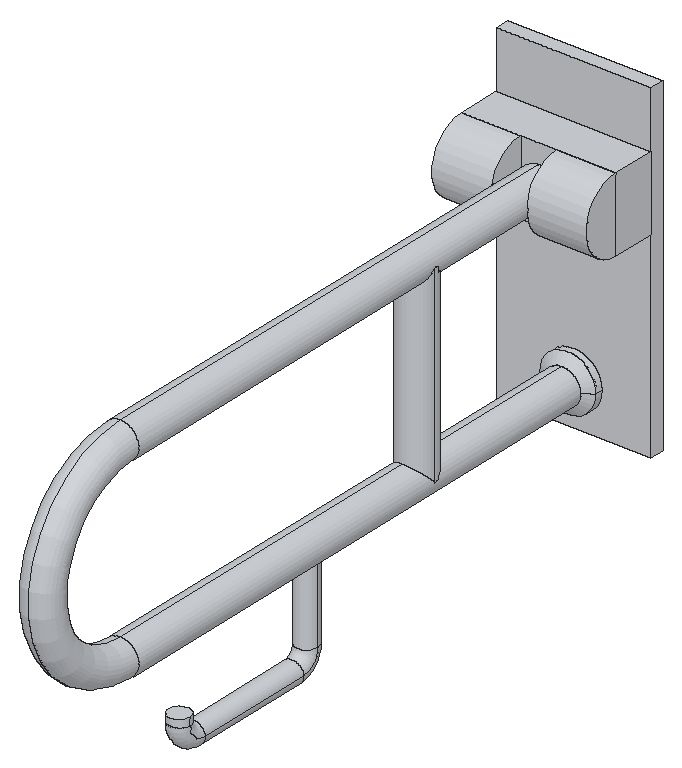
Revit family
Parameters
  Warranty Duration (Years) = 0
  Unit Weight = 0
  Unit Length = 2' - 0"
  URL = "http://www.pontegiulio.com"
  Trim Radius = 0' - 1 5/8"
  Specification = "http://www.arcat.com/sd/clients/pontegiu.html?coid=43483"
  Send Message = "http://www.arcat.com/users.pl?action=UserEmail&company=Ponte%20Giulio&coid=43483&rep=132&fax=877-766-8306&mf="
  Sales Information = "http://www.pontegiulio.it/us/info.php"
  Revision = "R1_01-2010"
  Return Radius = 0' - 1 9/16"
  Projection from Host = 1' - 0"
  Product Properties = "http://www.pgdb.it/schede/us/G40JCSxx01_us.pdf"
  Product Data = "http://www.arcat.com/arcatcos/cos43/arc43483.html"
  Model = "Grab Bar as Specified in 10 28 13"
  Manufacturer's Notes = ""
  Manufacturer Website = "http://www.pontegiulio.com"
  Manufacturer Phone - Toll Free = "877-766-8301 "
  Manufacturer Fax = "877-766-8306"
  Manufacturer Address = "W241 S4021 Rockwood Circle, Waukesha, WI 53189"
  Manufacturer = "Ponte Giulio"
  Maintenance Schedule (Months) = 0
  Keynote = "10 28 13"
  Installation-Fabrication = ""
  Installation Phase = ""
  Green Building-LEED = "http://www.arcat.com/green/clients/leed_data_43483.html"
  Expected Lifespan (Years) = 0
  Drawn By = "Robert S. Weygant, CSI, CDT, SCIP"
  Dim A = 0' - 7 1/4"
  Diameter = 0' - 1 1/4"
  Description = "Grab Bar as Specified in 10 28 13"
  Default Elevation = 4' - 0"
  Copyright = "2010 ARCAT, Inc"
  Construction Details = ""
  Building Codes = ""
  Bath Fixture Material [instance] = none
  Assembly Code = "C1030200"
  AK_Include Optional Component - F17AGNxx03 Roll Paper Holder = yes
  AK_Code Compliance = "ADA"
Reference planes (in)
  plane 1 "Center (Front/Back)": y = 0
  plane 2: z = 0
  plane 3 "Center (Left/Right)": x = 0
  plane 4 "Support Rail": x = 5.5
  plane 5: z = 37.71941
  plane 6: z = 44.40691
  plane 7: y = -24
  plane 8: y = -7.25
  plane 9: y = -12
  plane 10: y = -0.5
Forms (in)
  Sweep 1, solid, material <- "Bath Fixture Material"
    path origin (0, 0, 36.40691) x (0, 0, 1) y (0, -1, 0)
      loop
        line (1.3125, 0) -> (1.3125, 20.03125)
        arc (1.3125, 20.03125) -> (4.65625, 23.375) -> (8, 20.03125) r 3.34375
        line (8, 20.03125) -> (8, 0)
    profile origin (0, -10.01563, 37.71941) x (0, 0, -1) y (1, 0, 0)
      loop
        circle (0, 0) r 0.625
  Sweep 2, solid, material <- "Bath Fixture Material", visible <- "AK_Include Optional Component - F17AGNxx03 Roll Paper Holder"
    path origin (0, 0, 0) x (0, 1, 0) y (0, 0, 1)
      loop
        line (-12, 37.71941) -> (-12, 34.62566)
        arc (-12, 34.62566) -> (-12.18306, 34.18372) -> (-12.625, 34.00066) r 0.625
        line (-12.625, 34.00066) -> (-16.875, 34.00066)
        arc (-16.875, 34.00066) -> (-17.31694, 34.18372) -> (-17.5, 34.62566) r 0.625
        line (-17.5, 34.62566) -> (-17.5, 34.87566)
    profile origin (0, -12, 36.17254) x (1, 0, 0) y (0, 1, 0)
      loop
        circle (0, 0) r 0.375
  Extrusion 3, solid, material <- "Bath Fixture Material"
    sketch origin (-0.89887, -0.5, 36.12566) x (0, 0, 1) y (0, -1, 0)
      loop
        line (7, 1.5) -> (7, 0) -> (9.5625, 0) -> (9.5625, 1.5) -> (7, 1.5)
    from -1.75738 to 3.55512
  Revolve 4, solid, material <- "Bath Fixture Material"
    sketch origin (-0.89887, -2, 36.12566) x (0, 0, -1) y (1, 0, 0)
      loop
        line (-8.28125, -1.75738) -> (-7, -1.75738) -> (-7, 0.27387) -> (-8.28125, 0.27387) -> (-8.28125, -1.75738)
      loop
        line (-8.28125, 3.55512) -> (-8.28125, 1.52387) -> (-7, 1.52387) -> (-7, 3.55512) -> (-8.28125, 3.55512)
      axis (-8.28125, -1.75738) -> (-8.28125, 3.55512)
    angle from 180 to 360
  Revolve 5, solid, material <- "Bath Fixture Material"
    sketch origin (3.95454, -0.5, 37.71941) x (0, -1, 0) y (1, 0, 0)
      loop
        line (0, -3.95454) -> (0, -4.92329) -> (0.25, -4.92329) -> (0.5, -4.57954) -> (0.5, -3.95454) -> (0, -3.95454)
      axis (0.5, -3.95454) -> (0, -3.95454)
    angle from 0 to 360
  Extrusion 6, solid, material <- "Bath Fixture Material"
    sketch origin (0, 0, 0) x (1, 0, 0) y (0, 1, 0)
      loop
        circle (0, -7.25) r 0.625
    from 37.71941 to 44.40691
  Extrusion 7, solid, material <- "Bath Fixture Material"
    sketch origin (0, 0, -33.34375) x (1, 0, 0) y (0, 0, 1)
      loop
        line (-2.65625, 81.00066) -> (-2.65625, 69.56316) -> (2.65625, 69.56316) -> (2.65625, 81.00066) -> (-2.65625, 81.00066)
    from 0 to 0.5
Dimensions and locks (in)
  "Diameter": Sweep 1 sketch curve to Sweep 1 sketch curve
  locked: plane 3 "Center (Left/Right)" to plane 4 "Support Rail" at 5.5
  plane 7 to plane 1 "Center (Front/Back)" = 2' - 0"
  "Unit Length": plane 7 to plane 1 "Center (Front/Back)"
  plane 5 to plane 6 = 0' - 6 11/16"
  locked: plane 4 "Support Rail" to plane 3 "Center (Left/Right)" at 5.5
  "Dim A": plane 8 to plane 1 "Center (Front/Back)"
  "Projection from Host": plane 9 to plane 1 "Center (Front/Back)"
  Extrusion 3 sketch curve to Extrusion 3 sketch curve = 0' - 2 9/16"  (x2)
  Extrusion 3 to Extrusion 3 = 0' - 5 5/16"
  locked: plane 10 to plane 1 "Center (Front/Back)" at 0.5
  aligned and locked: profile plane to Sweep 1 sketch curve
  aligned and locked: plane 5 to Sweep 1 sketch curve
  aligned and locked: plane 6 to Sweep 1 sketch curve
  aligned and locked: Sweep 1 sketch curve to plane 5
  aligned and locked: plane 1 "Center (Front/Back)" to Sweep 1 sketch curve  (x2)
  aligned and locked: plane 9 to Sweep 2 sketch curve
  aligned and locked: Revolve 4 sketch curve to Extrusion 3  (x3)
  aligned and locked: Extrusion 3 to Revolve 4 sketch curve
  aligned and locked: Revolve 4 sketch curve to plane 6
  aligned and locked: plane 6 to Revolve 4 sketch curve
  aligned and locked: plane 3 "Center (Left/Right)" to Revolve 5 sketch curve
  aligned and locked: Extrusion 6 to plane 6
  aligned and locked: plane 5 to Extrusion 6
  aligned and locked: Extrusion 7 to plane 1 "Center (Front/Back)"
  aligned and locked: Extrusion 7 to Extrusion 3
  aligned and locked: Extrusion 7 to Revolve 5
  aligned and locked: plane 10 to Extrusion 7
  aligned and locked: Revolve 5 sketch curve to plane 10
  aligned and locked: Extrusion 3 to Revolve 5
  aligned and locked: Extrusion 3 to plane 10
Automatic sketch dimensions
  plane 7 to Sweep 1 sketch curve = 0' - 3 31/32"
  Sweep 1 sketch curve to Sweep 1 sketch curve = 0' - 0"
  Sweep 1 sketch curve to profile plane = 0' - 0"
  Sweep 2 sketch curve to plane 5 = 0' - 0"
  plane 9 to Sweep 2 sketch curve = 0' - 0 5/8"
  Sweep 2 sketch curve to Sweep 2 sketch curve = 0' - 4 1/4"
  Sweep 2 sketch curve to Sweep 2 sketch curve = 0' - 0 5/8"
  plane 5 to Sweep 2 sketch curve = 0' - 2 27/32"
  Sweep 2 sketch curve to Sweep 2 sketch curve = 0' - 0 1/4"
  Sweep 2 sketch curve to plane 3 "Center (Left/Right)" = 0' - 0"
  Sweep 2 sketch curve to profile plane = 0' - 0"
  plane 1 "Center (Front/Back)" to Extrusion 3 sketch curve = 0' - 0 1/2"
  plane 6 to Extrusion 3 sketch curve = 0' - 1 9/32"
  plane 1 "Center (Front/Back)" to Extrusion 3 sketch curve = 0' - 2"
  Revolve 4 sketch curve to plane 6 = 0' - 0"
  Revolve 4 sketch curve to Revolve 4 sketch curve = 1' - 6.11853"
  Revolve 4 sketch curve to plane 3 "Center (Left/Right)" = 0' - 0 5/8"
  plane 3 "Center (Left/Right)" to Revolve 4 sketch curve = 0' - 0 5/8"
  plane 4 "Support Rail" to Revolve 4 sketch curve = 1' - 2.42266"
  Extrusion 6 sketch curve to plane 3 "Center (Left/Right)" = 0' - 0"
  Extrusion 6 sketch curve to plane 8 = 0' - 0"
  Extrusion 7 sketch curve to plane 3 "Center (Left/Right)" = 0' - 2 21/32"
  plane 3 "Center (Left/Right)" to Extrusion 7 sketch curve = 0' - 2 21/32"
  plane 6 to Extrusion 7 sketch curve = 0' - 8 3/16"
  Extrusion 7 sketch curve to Extrusion 7 sketch curve = 0' - 11 7/16"
  Revolve 5 sketch curve to plane 3 "Center (Left/Right)" = 0' - 0"
  Revolve 5 sketch curve to plane 1 "Center (Front/Back)" = 1' - 11 1/2"
  plane 10 to Revolve 5 sketch curve = 0' - 0 1/4"
  Revolve 5 sketch curve to Revolve 5 sketch curve = 0' - 0 1/4"
  Revolve 5 sketch curve to plane 7 = 7' - 7.59382"
  Revolve 5 sketch curve to plane 3 "Center (Left/Right)" = 0' - 0 5/8"
  Revolve 5 sketch curve to Revolve 5 sketch curve = 0' - 0 11/32"
  radius of Sweep 2 sketch curve = 0' - 0 3/8"
  radius of Extrusion 6 sketch curve = 0' - 0 5/8"
